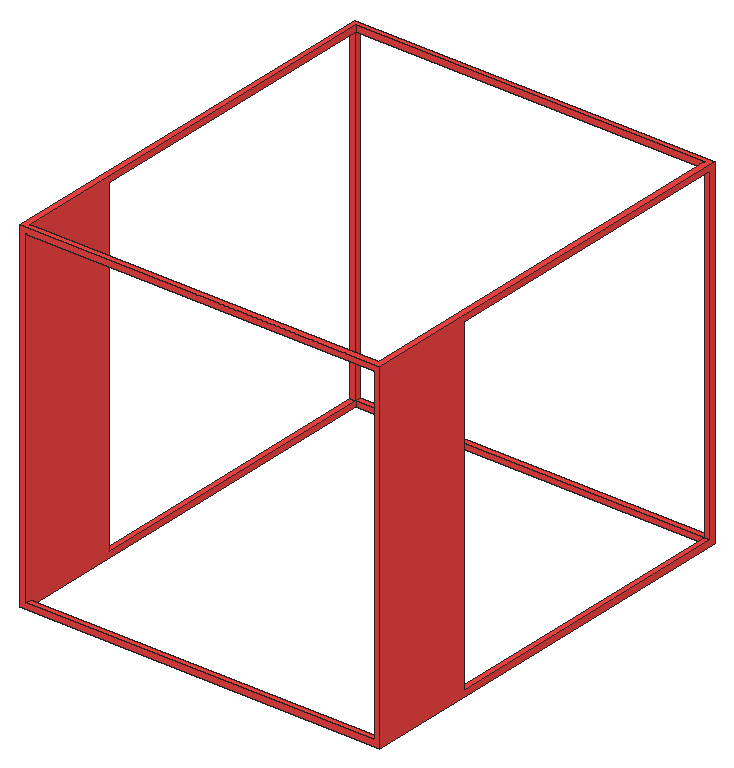
Revit family "OpenFOAMDomain", category Allgemeines Modell, Revit 2021
Family settings
  Kann Basisbauteil für Bewehrung sein = Nein
  Bemaßung runder Anschluss = Durchmesser verwenden
  Teiletyp = Normal
  Arbeitsebenenbasiert = Nein
  Immer vertikal = Ja
  Beim Laden mit Abzugskörper schneiden = Nein
  Gemeinsam genutzt = Nein
  Raumberechnungspunkt = Nein
Parameters
  windRose [instance] = 383.57 mm
  WindDirection [instance] = 90.00°
  bboxWireIn [instance] = Depth / 4  # 290 mm
  bboxWire [instance] = (Width + Height + Depth) / 200  # 15.547 mm
  ReferenceHeight [instance] = 6 mm
  Depth [instance] = 1160 mm
  Height [instance] = 949.44 mm
  Width [instance] = 1000 mm
  WindSpeed [instance] = 0.0 m/s
  WindProfile [instance] = "linear"
  Vorgabe-Ansicht = 0 mm
Reference planes
  plane 1 "Mitte (Vorne/hinten)": y = 0
  plane 2: z = 0
  plane 3 "Mitte (Links/rechts)": x = 0
  plane 4: y = 580
  plane 5: y = -580
  plane 6: x = -500
  plane 7: x = 500
  plane 8: x = 484.453
  plane 9: x = -484.453
  plane 10: y = 564.453
  plane 11: y = -564.453
  plane 12: z = 949.44
  plane 13: z = 933.892
  plane 14: z = 15.547
  plane 15: y = -290
  plane 16: y = -1303.57
  plane 17: y = -920
Forms (mm)
  Extrusion 1, solid, material "bbox"
    sketch origin (0, 0, 0) x (1, 0, 0) y (0, 1, 0)
      loop
        line (-500, 580) -> (-500, -580) -> (500, -580) -> (500, 580) -> (-500, 580)
    from 0 to 949.44
  Extrusion 2, void
    sketch origin (0, 0, 0) x (1, 0, 0) y (0, 1, 0)
      loop
        line (-484.453, 564.453) -> (-484.453, -564.453) -> (484.453, -564.453) -> (484.453, 564.453) -> (-484.453, 564.453)
    from 0 to 949.44
  Extrusion 3, void
    sketch origin (0, 0, 0) x (1, 0, 0) y (0, 0, 1)
      loop
        line (-484.453, 933.892) -> (-484.453, 15.547) -> (484.453, 15.547) -> (484.453, 933.892) -> (-484.453, 933.892)
    from -580 to 580
  Extrusion 4, void
    sketch origin (0, 0, 0) x (0, 1, 0) y (0, 0, 1)
      loop
        line (-290, 933.892) -> (-290, 15.547) -> (564.453, 15.547) -> (564.453, 933.892) -> (-290, 933.892)
    from -500 to 500
Cuts and joins
  Extrusion 2, Extrusion 3, Extrusion 4 cuts Extrusion 1
Lines and regions (mm)
  model lines
    curve 1: line (-500, -580, 0) -> (500, -580, 0)
    curve 4: line (5, 0, 949.44) -> (15, 0, 949.44)
    curve 5: line (500, 580, 0) -> (500, -580, 0)
    curve 6: line (-500, -580, 0) -> (-500, 580, 0)
  reference lines
    curve 2: line (-500, -580, 0) -> (500, -580, 0)
    curve 3: line (-500, 580, 0) -> (500, 580, 0)
Dimensions and locks
  equal spacing: plane 4, plane 1 "Mitte (Vorne/hinten)", plane 5
  "Depth": plane 4 to plane 5
  equal spacing: plane 6, plane 3 "Mitte (Links/rechts)", plane 7
  "Width": plane 6 to plane 7
  "bboxWire": plane 6 to plane 9
  "bboxWire": plane 4 to plane 10
  "bboxWire": plane 8 to plane 7
  "bboxWire": plane 11 to plane 5
  "Height": plane 12 to plane 2
  "bboxWire": plane 14 to level
  "bboxWire": plane 12 to plane 13
  "Depth": curve 1 to plane 4
  "Depth": plane 4 to curve 2
  "Depth": curve 2 to curve 3
  "Height": curve 4 to plane 2
  "Width": plane 6 to curve 5
  "Width": curve 6 to plane 7
  "bboxWireIn": plane 15 to plane 5
  "windRose": plane 16 to plane 17
  aligned and locked: level to plane 2
  aligned and locked: Extrusion 1 sketch curve to plane 7
  aligned and locked: Extrusion 1 sketch curve to plane 4
  aligned and locked: plane 6 to Extrusion 1 sketch curve
  aligned and locked: plane 5 to Extrusion 1 sketch curve
  aligned and locked: plane 12 to Extrusion 1
  aligned and locked: Extrusion 2 sketch curve to plane 10
  aligned and locked: plane 9 to Extrusion 2 sketch curve
  aligned and locked: plane 11 to Extrusion 2 sketch curve
  aligned and locked: Extrusion 2 sketch curve to plane 8
  aligned and locked: plane 12 to cut or joined group of Extrusion 1, Extrusion 2, Extrusion 3, Extrusion 4
  aligned and locked: Extrusion 3 sketch curve to plane 13
  aligned and locked: plane 9 to Extrusion 3 sketch curve
  aligned and locked: plane 14 to Extrusion 3 sketch curve
  aligned and locked: plane 8 to Extrusion 3 sketch curve
  aligned and locked: Extrusion 1 to Extrusion 3  (x2)
  aligned and locked: Extrusion 4 sketch curve to cut or joined group of Extrusion 1, Extrusion 2, Extrusion 3, Extrusion 4  (x3)
  aligned and locked: Extrusion 4 to plane 6
  aligned and locked: Extrusion 1 to Extrusion 4
  aligned and locked: plane 7 to curve 1
  aligned and locked: plane 6 to curve 2
  aligned and locked: plane 7 to curve 3
  aligned and locked: plane 6 to curve 3
  aligned and locked: plane 7 to curve 2
  aligned and locked: plane 5 to curve 5
  aligned and locked: plane 4 to curve 5
  aligned and locked: plane 4 to curve 6
  aligned and locked: plane 15 to Extrusion 4 sketch curve
Automatic sketch dimensions
  plane 3 "Mitte (Links/rechts)" to curve 4 = 5 mm
  curve 4 to curve 4 = 10 mm
